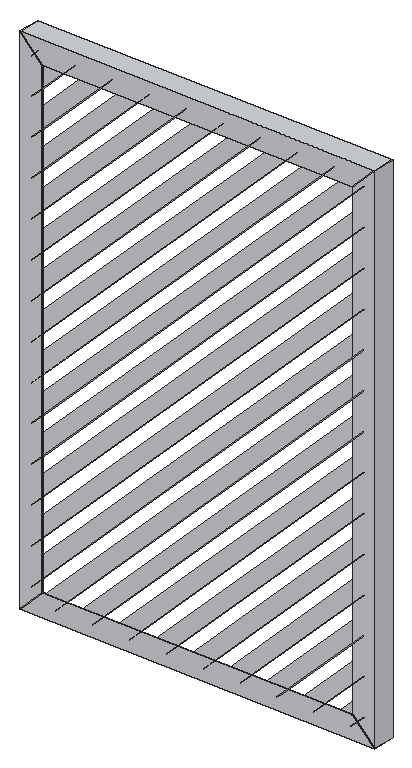
Revit family "Palmshield-Ajax-Louver-Panel", category Specialty Equipment, Revit 2025
Family settings
  Round Connector Dimension = Use Diameter
  Part Type = Normal
  OmniClass Number = 23.55.00.00
  OmniClass Title = Manufactured Structures
  Work Plane-Based = No
  Enable Cutting in Views = No
  Always vertical = No
  Cut with Voids When Loaded = No
  Maintain Annotation Orientation = No
  Shared = No
  Room Calculation Point = No
Parameters (values of type "Assembly")
  Width [instance] = if(Desired Overall Width < C Min Width, C Min Width, if(Desired Overall Width > C Max Width, C Max Width, Desired Overall Width))  # 4' - 0"
  Warranty URL = "https://palmshieldlouvers.com/wp-content/uploads/2020/01/PalmSHIELD-Warranty-NO-SIGN-LINE.pdf"
  Version = "2020 - v1.0a"  # constant formula
  URL = "https://palmshieldlouvers.com/"
  Product Page URL = "https://palmshieldlouvers.com/products/ajax-louver/"
  Product Documentation Link = "https://palmshieldlouvers.com/wp-content/uploads/2020/04/PalmSHIELD-Diagonal-Louvers-Technical-Data-Sheet.pdf"
  Offset From Surface = 0' - 2"  # constant formula
  Model = "Ajax - Aluminum"  # constant formula
  Material = none
  Manufacturer Phone Number = "531-329-4406 "  # constant formula
  Manufacturer Email = "mailto: info@palmshieldlouvers.com"
  Manufacturer Address = "12330 Cary Circle, La Vista, NE 68128"  # constant formula
  Manufacturer = "PalmSHIELD"  # constant formula
  Louver Finish = none
  Keynote = "05 10 00"
  Instruction Sheet Link = "https://palmshieldlouvers.com/wp-content/uploads/2020/01/PalmSHIELD-Post-Panel-Gate-Installation-Instructions-REV-1.pdf"
  ID [instance] = "Not Assigned"
  Height [instance] = if(Desired Overall Height < C Min Height, C Min Height, if(Desired Overall Height > C Max Height, C Max Height, Desired Overall Height))  # 6' - 0"
  Desired Overall Width [instance] = 4' - 0"
  Desired Overall Height [instance] = 6' - 0"
  Desired Bottom Angle [instance] = 0.00°
  Description = "Ajax - Aluminum - Panel Assembly"  # constant formula
  Default Elevation = 0' - 0"
  Copyright = "Copyright ©2024 The American Fence Company and PalmSHIELD. All Rights Reserved."  # constant formula
  Component Vis [instance] = yes
  Component Name [instance] = "Ajax - Aluminum - Panel Assembly"  # constant formula
  C Min Width [instance] = 4' - 0"  # constant formula
  C Min Height [instance] = 4' - 0"  # constant formula
  C Max Width [instance] = 5' - 0"  # constant formula
  C Max Height [instance] = 12' - 0"  # constant formula
  C Angle [instance] = if(Desired Bottom Angle > 10.00°, 10.00°, if(Desired Bottom Angle < -10.00°, -10.00°, Desired Bottom Angle))  # 0.00°
  Assembly Code = "F1020100"
Reference planes (in)
  plane 1 "Center (Front/Back)": y = 0
  plane 2: z = 0
  plane 3 "Center (Left/Right)": x = 0
  plane 4: z = 72
  plane 5: x = 48
  plane 6: y = 3
  plane 7: y = 1.5
Lines and regions (in)
  reference lines
    curve 1: line (48, 0, 85.95698) -> (48, 0, -11)
    curve 2: line (-20.8931, 0, 72) -> (71.1069, 0, 72)
Dimensions and locks (in)
  "Desired Overall Height": curve 2 to level
  "Desired Overall Width": curve 1 to plane 3 "Center (Left/Right)"
  "Height": plane 4 to level
  "Width": plane 5 to plane 3 "Center (Left/Right)"
  equal spacing: plane 1 "Center (Front/Back)", plane 7, plane 6
  aligned and locked: plane 2 to level
  aligned and locked: plane 3 "Center (Left/Right)" to nested 1
  aligned and locked: plane 1 "Center (Front/Back)" to nested 1
Automatic sketch dimensions
  curve 2 to plane 3 "Center (Left/Right)" = 1' - 8.8931"
  plane 5 to curve 2 = 1' - 11.1069"
  curve 1 to level = 0' - 11"
  plane 4 to curve 1 = 1' - 1.95698"
Nested families (in)
  nested 1: "Screening-Louver-Assembly-Panel-Palmshield-Ajax" at (0, 0, 0), Desired Bottom Angle <- "Desired Bottom Angle", Desired Overall Height <- "Desired Overall Height", Desired Overall Width <- "Desired Overall Width", ID <- "ID", Height <- "Height", Width <- "Width", Component Vis <- "Component Vis", type "Assembly"
    with Width 4' - 0", ID "Not Assigned", Height 6' - 0", Desired Overall Width 4' - 0", Desired Overall Height 6' - 0", Desired Bottom Angle 0.00°, Component Vis yes, Component Name "Ajax - Panel Assembly", C Top Post Length 4' - 0", C Straight Corner Angle 45.00°, C Slope Angle 0.00°, C Side Frame Width 0' - 3", C Side Adjustment 0' - 0", C Rib Thickness Bottom Offset 0' - 0 1/4", C Rib Bottom Side Offset 0' - 0", C Louver Offset 0' - 3", C Louver Length 3' - 8", C Louver Count 57, C Hip 4' - 0", C Frame Offset 0' - 2", C Corner Offset 0' - 3", C Bottom Angle 0.00°, C B-Side Post Length 6' - 0", C B-Side Angle 45.00°, C Angle 90.00°, C A-Side Post Length 6' - 0", C A-Side Angle 45.00°
  nested 2: "Nested-L_Frame-Palmshield-Ajax" at (48, 0, 72) x (0, 1, 0) z (0, 0, -1), type "AL L3" X 3" X 1/4""
    with Material none, Length 4' - 0", ID "Not Assigned", Component Name "Ajax - Aluminum - L Frame", B-Side Cut Angle 45.00°, A-Side Cut Angle 45.00°
  nested 3: "Nested-L_Frame-Palmshield-Ajax" at (0, 0, 72) x (0, 1, 0) z (1, 0, 0), type "AL L3" X 3" X 1/4""
    with Material none, Length 5' - 10", ID "Not Assigned", Component Name "Ajax - Aluminum - L Frame", B-Side Cut Angle 45.00°, A-Side Cut Angle 45.00°
  nested 4: "Nested-L_Frame-Palmshield-Ajax" at (48, 0, 2) x (0, 1, 0) z (-1, 0, 0), type "AL L3" X 3" X 1/4""
    with Material none, Length 5' - 10", ID "Not Assigned", Component Name "Ajax - Aluminum - L Frame", B-Side Cut Angle 45.00°, A-Side Cut Angle 45.00°
  nested 5: "Nested-L_Frame-Palmshield-Ajax" at (0, 0, 2) x (0, 1, 0) z (0, 0, 1), type "AL L3" X 3" X 1/4""
    with Material none, Length 4' - 0", ID "Not Assigned", Component Name "Ajax - Aluminum - L Frame", B-Side Cut Angle 45.00°, A-Side Cut Angle 45.00°
Definition of nested family "Screening-Louver-Assembly-Panel-Palmshield-Ajax"
  Parameters (values of type "Assembly")
    Width [instance] = if(Desired Overall Width < 4' 0", 4' 0", if(Desired Overall Width > 5' 0", 5' 0", Desired Overall Width))  # 4' - 0"
    Warranty URL = "https://palmshieldlouvers.com/wp-content/uploads/2020/01/PalmSHIELD-Warranty-NO-SIGN-LINE.pdf"
    Version = "2020 - v1.0a"  # constant formula
    URL = "https://palmshieldlouvers.com/"
    Offset From Surface = 0' - 2"  # constant formula
    Material = none
    Louver Separation = 0' - 1 3/16"  # constant formula
    Product Page URL = "https://palmshieldlouvers.com/products/ajax-louver/"
    Product Documentation Link = "https://palmshieldlouvers.com/wp-content/uploads/2020/04/PalmSHIELD-Diagonal-Louvers-Technical-Data-Sheet.pdf"
    Model = "Ajax - Post Assembly"  # constant formula
    Manufacturer Phone Number = "531-329-4406 "  # constant formula
    Manufacturer Fax Number = "Consult Manufacturer Website for More Information"  # constant formula
    Manufacturer Email = "mailto: info@palmshieldlouvers.com"
    Manufacturer Address = "12330 Cary Circle, La Vista, NE 68128"  # constant formula
    Manufacturer = "PalmSHIELD"  # constant formula
    Component Vis [instance] = yes
    C Louver Length [instance] = Width - 2 * C Side Frame Width + 0' 2"  # 3' - 8"
    Keynote = "05 10 00"
    Instruction Sheet Link = "https://palmshieldlouvers.com/wp-content/uploads/2020/01/PalmSHIELD-Post-Panel-Gate-Installation-Instructions-REV-1.pdf"
    ID [instance] = "Not Assgined"
    Height [instance] = if(Desired Overall Height < 3' 0", 3' 0", if(Desired Overall Height > 12' 0", 12' 0", Desired Overall Height))  # 5' - 2"
    Frame Width = 0' - 3"  # constant formula
    Frame Thickness = 0' - 0 1/4"  # constant formula
    Desired Overall Width [instance] = 4' - 0"
    Desired Overall Height [instance] = 5' - 2"
    Description = "Ajax - Panel Assembly"  # constant formula
    Default Elevation = 4' - 0"
    Copyright = "Copyright ©2024 The American Fence Company and PalmSHIELD. All Rights Reserved."  # constant formula
    Component Name [instance] = "Ajax - Panel Assembly"  # constant formula
    C Top Post Length [instance] = Width  # 4' - 0"
    C Straight Corner Angle [instance] = 45.00°  # constant formula
    C Slope Angle [instance] = if(Desired Bottom Angle < -25.00°, 25.00°, if(Desired Bottom Angle > 25.00°, 25.00°, Desired Bottom Angle))  # 0.00°
    C Side Frame Width [instance] = 0' - 3"  # constant formula
    C Rib Thickness Bottom Offset [instance] = Frame Thickness * cos(C Slope Angle)  # 0' - 0 1/4"
    C Rib Bottom Side Offset [instance] = if(C Slope Angle < 0.00°, -Frame Thickness * sin(C Slope Angle), Frame Thickness * sin(C Slope Angle))  # 0' - 0"
    C Louver Overlap = 0' - 0 5/8"  # constant formula
    C Louver Offset [instance] = if(C Side Adjustment < 0' 0", -C Side Adjustment + (Frame Width / sin([C A-Side Angle])) * cos([C A-Side Angle]), Frame Width)  # 0' - 3"
    C Louver Count [instance] = if(C Slope Angle < 0.00°, (Height - 2 * Frame Width + C Louver Overlap * 2) / Louver Separation, (Height - 2 * Frame Width + C Louver Overlap * 2 - C Hip * sin(C Slope Angle)) / Louver Separation)  # 48
    C Hip [instance] = Width / cos(C Slope Angle)  # 4' - 0"
    C Side Adjustment [instance] = -C Hip * sin(C Slope Angle)  # 0' - 0"
    C Frame Offset [instance] = C Side Frame Width - 0' 1"  # 0' - 2"
    C Corner Offset [instance] = if(C Slope Angle > 0.00°, Frame Width / sin([C A-Side Angle]) * cos([C A-Side Angle]), if(C Slope Angle < 0.00°, Frame Width / sin([C A-Side Angle]) * cos([C A-Side Angle]), 0' 3"))  # 0' - 3"
    C Bottom Angle [instance] = if(Desired Bottom Angle < -20.00°, -20.00°, if(Desired Bottom Angle > 20.00°, 20.00°, Desired Bottom Angle))  # 0.00°
    C B-Side Post Length [instance] = Height + C Side Adjustment  # 5' - 2"
    C B-Side Angle [instance] = (90.00° - C Slope Angle) / 2  # 45.00°
    C Angle [instance] = if(C Slope Angle < -25.00°, 90.00° - 25.00°, if(C Slope Angle > 25.00°, 90.00° + 25.00°, 90.00° - C Slope Angle))  # 90.00°
    Desired Bottom Angle [instance] = 0.00°
    C A-Side Post Length [instance] = Height  # 5' - 2"
    C A-Side Angle [instance] = (90.00° + C Slope Angle) / 2  # 45.00°
    Assembly Code = "F1020100"
  Reference planes (in)
    plane 1 "Center (Front/Back)": y = 0
    plane 2: z = 0
    plane 3 "Side A": x = 0
    plane 4 "Top": z = 62
    plane 5 "Side B": x = 48
    plane 6: z = 2
    plane 7: z = 5
    plane 8: x = 0.25
    plane 9: x = 47.75
    plane 10: z = 59
    plane 11: y = 0.25
    plane 12: y = 2.25
    plane 13: z = 61.75
    plane 14: z = 2
    plane 15: z = 2.25
    plane 16: x = 0
    plane 17: y = 3
    plane 18: y = 1.5
    plane 19: x = 24
  Forms (in)
    Extrusion 1, solid
      sketch origin (0, 0, 0) x (1, 0, 0) y (0, 1, 0)
        loop
          line (-48, 48) -> (-48, -48) -> (48, -48) -> (48, 48) -> (-48, 48)
      from 0 to -12
  Lines and regions (in)
    reference lines
      curve 1: line (0, 0, 2) -> (82, 0, 2)
      curve 2: line (-10.95367, 0, 0.31474) -> (39, 0, 0.31474)
      curve 3: line (-32.20495, 0, 62) -> (70.18293, 0, 62)
      curve 4: line (48, 0, 84.69519) -> (48, 0, -11.24289)
      curve 5: line (48, 0, 2) -> (46, 0, 2)
  Dimensions and locks (in)
    "Width": plane 5 "Side B" to plane 3 "Side A"
    "Offset From Surface": plane 6 to Extrusion 1
    "C Louver Offset": plane 7 to plane 6
    "Frame Thickness": plane 8 to plane 3 "Side A"
    "Frame Thickness": plane 5 "Side B" to plane 9
    "Frame Width": plane 4 "Top" to plane 10
    "Frame Thickness": plane 11 to plane 1 "Center (Front/Back)"
    plane 3 "Side A" to plane 5 "Side B" = 4' - 0"
    "Frame Thickness": plane 4 "Top" to plane 13
    "C Corner Offset": plane 7 to plane 14
    "C Rib Thickness Bottom Offset": plane 15 to plane 6
    "C Rib Bottom Side Offset": plane 3 "Side A" to plane 16
    "Desired Overall Width": curve 4 to plane 3 "Side A"
    "Frame Width": plane 1 "Center (Front/Back)" to plane 17
    equal spacing: plane 1 "Center (Front/Back)", plane 18, plane 17
    equal spacing: plane 5 "Side B", plane 19, plane 3 "Side A"
    "Desired Overall Height": curve 3 to plane 2
    "Height": plane 4 "Top" to plane 2
    plane 5 "Side B" to curve 5 = 0' - 2"
    "C Angle": angle curve 1 to plane 3 "Side A"
    locked: plane 5 "Side B" to curve 5 (angle 90.00°)
    aligned and locked: plane 2 to Extrusion 1
    aligned and locked: level to Extrusion 1
    aligned and locked: plane 6 to curve 1
    aligned and locked: plane 3 "Side A" to curve 1
    aligned and locked: nested 1 to plane 1 "Center (Front/Back)"
    aligned and locked: nested 1 to plane 5 "Side B"
    aligned and locked: nested 1 to plane 3 "Side A"
    aligned and locked: nested 2 to plane 4 "Top"
    aligned and locked: nested 2 to plane 6
    aligned and locked: nested 2 to plane 1 "Center (Front/Back)"
    aligned and locked: plane 4 "Top" to nested 3
    aligned and locked: nested 3 to plane 1 "Center (Front/Back)"
    aligned and locked: nested 4 to plane 1 "Center (Front/Back)"
    aligned and locked: plane 11 to nested 5
    aligned and locked: nested 5 to plane 3 "Side A"
    aligned and locked: nested 5 to plane 4 "Top"
    aligned and locked: plane 5 "Side B" to curve 5
    aligned and locked: nested 3 to curve 5
  Automatic sketch dimensions
    Extrusion 1 sketch curve to Extrusion 1 sketch curve = 8' - 0"  (x2)
    level to curve 2 = 0' - 0.31474"
    curve 2 to plane 3 "Side A" = 0' - 10.95367"
    curve 3 to plane 3 "Side A" = 2' - 8.20495"
    curve 2 to curve 5 = 0' - 7"
    plane 5 "Side B" to curve 3 = 1' - 10.18293"
    curve 4 to level = 0' - 11.24289"
    plane 4 "Top" to curve 4 = 1' - 10.69519"
  Nested families (in)
    nested 1: "Nested-L_Frame-Palmshield-Ajax" at (48, 0, 62) x (0, 1, 0) z (0, 0, -1), ID <- "ID", Material <- "Material", A-Side Cut Angle <- "C Straight Corner Angle", B-Side Cut Angle <- "C Straight Corner Angle", visible <- "Component Vis", type "AL L3" X 3" X 1/4""
      with Material none, Length 4' - 0", ID "Not Assgined", Component Name "Ajax - Aluminum - L Frame", B-Side Cut Angle 45.00°, A-Side Cut Angle 45.00°
    nested 2: "Nested-L_Frame-Palmshield-Ajax" at (0, 0, 62) x (0, 1, 0) z (1, 0, 0), ID <- "ID", Material <- "Material", B-Side Cut Angle <- "C Straight Corner Angle", A-Side Cut Angle <- "C A-Side Angle", visible <- "Component Vis", type "AL L3" X 3" X 1/4""
      with Material none, Length 5' - 0", ID "Not Assgined", Component Name "Ajax - Aluminum - L Frame", B-Side Cut Angle 45.00°, A-Side Cut Angle 45.00°
    nested 3: "Nested-L_Frame-Palmshield-Ajax" at (48, 0, 2) x (0, 1, 0) z (-1, 0, 0), ID <- "ID", Material <- "Material", B-Side Cut Angle <- "C B-Side Angle", A-Side Cut Angle <- "C Straight Corner Angle", visible <- "Component Vis", type "AL L3" X 3" X 1/4""
      with Material none, Length 5' - 0", ID "Not Assgined", Component Name "Ajax - Aluminum - L Frame", B-Side Cut Angle 45.00°, A-Side Cut Angle 45.00°
    nested 4: "Nested-L_Frame-Palmshield-Ajax" at (0, 0, 2) x (0, 1, 0) z (0, 0, 1), Length <- "C Hip", ID <- "ID", Material <- "Material", A-Side Cut Angle <- "C B-Side Angle", B-Side Cut Angle <- "C A-Side Angle", visible <- "Component Vis", type "AL L3" X 3" X 1/4""
      with Material none, Length 4' - 0", ID "Not Assgined", Component Name "Ajax - Aluminum - L Frame", B-Side Cut Angle 45.00°, A-Side Cut Angle 45.00°
    nested 5: "Nested - Diagonal Panel" at (0, 0.25, 2), Desired Panel Height <- "Height", Desired Panel Width <- "Width", Material <- "Material", visible <- "Component Vis", type "Default"
      with Real Cut Width 4' - 0", Real Cut Height 5' - 0", Material none, Desired Panel Width 4' - 0", Desired Panel Height 5' - 2"
  Definition of nested family "Nested-L_Frame-Palmshield-Ajax"
    Parameters (values of type "AL L3" X 3" X 1/4"")
      Width = 0' - 3"  # constant formula
      Warranty URL = "https://palmshieldlouvers.com/wp-content/uploads/2020/01/PalmSHIELD-Warranty-NO-SIGN-LINE.pdf"
      Version = "2020 - v1.0a"  # constant formula
      URL = "https://palmshieldlouvers.com/"
      Thickness = 0' - 0 1/4"  # constant formula
      Product Page URL = "https://palmshieldlouvers.com/products/ajax-louver/"
      Product Documentation Link = "https://palmshieldlouvers.com/wp-content/uploads/2020/04/PalmSHIELD-Diagonal-Louvers-Technical-Data-Sheet.pdf"
      Model = "Ajax"  # constant formula
      Material [instance] = none
      Manufacturer Phone Number = "531-329-4406 "  # constant formula
      Manufacturer Fax Number = "Consult Manufacturer Website for More Information"  # constant formula
      Manufacturer Email = "mailto: info@palmshieldlouvers.com"
      Manufacturer Address = "12330 Cary Circle, La Vista, NE 68128"  # constant formula
      Manufacturer = "PalmSHIELD"  # constant formula
      Length [instance] = 4' - 4.86713"
      Keynote = "05 10 00"
      Instruction Sheet Link = "https://palmshieldlouvers.com/wp-content/uploads/2020/01/PalmSHIELD-Post-Panel-Gate-Installation-Instructions-REV-1.pdf"
      ID [instance] = ""
      Description = "Ajax - L Frame"  # constant formula
      Default Elevation = 4' - 0"
      Copyright = "Copyright ©2024 The American Fence Company and PalmSHIELD. All Rights Reserved."  # constant formula
      Component Name [instance] = "Ajax - Aluminum - L Frame"  # constant formula
      C Hole Offset = 0' - 1 1/2"  # constant formula
      B-Side Cut Angle [instance] = 45.00°
      Assembly Code = "F1020100"
      A-Side Cut Angle [instance] = 45.00°
    Reference planes (in)
      plane 1 "Center (Front/Back)": y = 0
      plane 2: z = 0
      plane 3 "Center (Left/Right)": x = 0
      plane 4: x = 3
      plane 5: y = -52.86713
      plane 6: z = 3
    Forms (in)
      Extrusion 1, solid
        sketch origin (0, 0, 0) x (1, 0, 0) y (0, 1, 0)
          loop
            line (-48, 48) -> (-48, -48) -> (48, -48) -> (48, 48) -> (-48, 48)
        from 0 to -12
      Sweep 2, solid, material <- "Material"
        path origin (0, 0, 0) x (0, 1, 0) y (0, 0, 1)
          loop
            line (0, 0) -> (-52.86713, 0)
        profile "Profile-Palmshield-L : AL L3" X 3" X 1/4" - 6061-T6" origin (0, -26.43357, 0) x (0, 0, -1) y (1, 0, 0)
          loop
            line (-0.3125, 0.25) -> (-2.875, 0.25)
            arc (-2.875, 0.25) -> (-2.96339, 0.21339) -> (-3, 0.125) r 0.125
            line (-3, 0.125) -> (-3, 0) -> (0, 0) -> (0, 3) -> (-0.125, 3)
            arc (-0.125, 3) -> (-0.21339, 2.96339) -> (-0.25, 2.875) r 0.125
            line (-0.25, 2.875) -> (-0.25, 0.3125)
            arc (-0.25, 0.3125) -> (-0.26831, 0.26831) -> (-0.3125, 0.25) r 0.0625
      Extrusion 3, void
        sketch origin (0, 0, 0) x (0, 1, 0) y (0, 0, 1)
          loop
            line (-3, 3) -> (0, 0) -> (4.7449, 0) -> (4.7449, 3) -> (-3, 3)
          loop
            line (-57.61203, 3) -> (-57.61203, 0) -> (-52.86713, 0) -> (-49.86713, 3) -> (-57.61203, 3)
        from 0 to 3
    Cuts and joins
      Extrusion 3 cuts Sweep 2
    Dimensions and locks (in)
      "Width": plane 3 "Center (Left/Right)" to plane 4
      "Length": plane 1 "Center (Front/Back)" to plane 5
      "Width": plane 6 to plane 2
      locked: Extrusion 3 sketch curve to plane 1 "Center (Front/Back)" at 4.7449
      locked: plane 5 to Extrusion 3 sketch curve at 4.7449
      "B-Side Cut Angle": angle Extrusion 3 sketch curve to plane 1 "Center (Front/Back)"
      "A-Side Cut Angle": angle plane 5 to Extrusion 3 sketch curve
      aligned and locked: plane 2 to Extrusion 1
      aligned and locked: level to Extrusion 1
      aligned and locked: plane 1 "Center (Front/Back)" to Sweep 2 sketch curve
      aligned and locked: plane 5 to Sweep 2 sketch curve
      aligned and locked: Extrusion 3 sketch curve to plane 6
      aligned and locked: level to Extrusion 3 sketch curve
      aligned and locked: plane 6 to Extrusion 3 sketch curve
      aligned and locked: Extrusion 3 sketch curve to plane 2
      aligned and locked: plane 1 "Center (Front/Back)" to Extrusion 3 sketch curve
      aligned and locked: plane 2 to Extrusion 3 sketch curve
      aligned and locked: plane 5 to Extrusion 3 sketch curve
      aligned and locked: Extrusion 3 to plane 3 "Center (Left/Right)"
      aligned and locked: Extrusion 3 to plane 4
    Automatic sketch dimensions
      Extrusion 1 sketch curve to Extrusion 1 sketch curve = 8' - 0"  (x2)
      Sweep 2 sketch curve to level = 0' - 0"
  Definition of nested family "Nested - Diagonal Panel"
    Parameters (values of type "Default")
      Side Offset = 0' - 1 3/8"  # constant formula
      Real Cut Width [instance] = if(Desired Panel Width < 4' 0", 4' 0", if(Desired Panel Width > 5' 0", 5' 0", Desired Panel Width))  # 4' - 2"
      Real Cut Height [instance] = if(Desired Panel Height < 3' 0", 3' 0" - 0' 2", if(Desired Panel Height > 12' 0", 12' 0" - 0' 2", Desired Panel Height - 0' 2"))  # 4' - 3"
      Material [instance] = none
      Left Angle = if(Cut Angle = 0.00°, 0.00°, if(Cut Angle > 0.00°, Cut Angle, 0.00°))  # 0.00°
      Desired Panel Width [instance] = 4' - 2"
      Desired Panel Height [instance] = 4' - 5"
      Default Elevation = 0' - 0"
      Cut Angle = 0.00°
      C B Angle Depth = if(and(Angle Right > -0.10°, or(Left Angle = 0.00°, Left Angle > 0.00°)), 0' 4", 0' 1")  # 0' - 4"
      C A Angle Depth = if(Angle Right < 0.00°, 0' 4", 0' 1")  # 0' - 1"
      Angle Right = if(Cut Angle = 0.00°, 0.00°, if(Cut Angle < 0.00°, Cut Angle, 0.00°))  # 0.00°
    Reference planes (in)
      plane 1 "Center (Front/Back)": y = 0
      plane 2: z = 0
      plane 3 "Center (Left/Right)": x = 0
      plane 4: z = 144
      plane 5: x = 60
      plane 6: z = 142.625
      plane 7: x = 58.625
      plane 8: z = 1.375
      plane 9: x = 1.375
      plane 10: y = 1
      plane 11: z = 51
      plane 12: y = -3
    Forms (in)
      Extrusion 1, void
        sketch origin (0, 0, 0) x (1, 0, 0) y (0, 0, 1)
          loop
            line (48.625, 49.625) -> (48.625, -30.23434) -> (61.375, -30.23434) -> (61.375, 145.375) -> (-1.375, 145.375) -> (-1.375, 1.375) -> (1.375, 1.375) -> (1.375, 49.625) -> (48.625, 49.625)
        from 0 to -1
      Extrusion 2, void
        sketch origin (0, 0, 0) x (1, 0, 0) y (0, 0, 1)
          loop
            line (0, -30.23434) -> (60, -30.23434) -> (60, 1.375) -> (0, 1.375) -> (0, -30.23434)
        from 2 to 3
      Sweep 3, solid, material <- "Material"
        path origin (0, 0, 0) x (0, 1, 0) y (0, 0, 1)
          loop
            line (1, 0) -> (0, 0)
        profile origin (0, 0.5, 0) x (0, 0, -1) y (1, 0, 0)
          loop
            line (20.253, 12.67594) -> (-25.07945, 58.625) -> (-27.9074, 58.625) -> (20.253, 9.84751) -> (20.253, 12.67594)
          loop
            line (20.253, 7.72619) -> (-30.0284, 58.625) -> (-32.85643, 58.625) -> (20.253, 4.89776) -> (20.253, 7.72619)
          loop
            line (20.253, 2.77644) -> (-34.97748, 58.625) -> (-37.80574, 58.625) -> (18.82601, 1.375) -> (20.253, 1.375) -> (20.253, 2.77644)
          loop
            line (16.70469, 1.375) -> (-39.92706, 58.625) -> (-42.75549, 58.625) -> (13.87626, 1.375) -> (16.70469, 1.375)
          loop
            line (6.80519, 1.375) -> (-49.82655, 58.625) -> (-52.65498, 58.625) -> (3.97677, 1.375) -> (6.80519, 1.375)
          loop
            line (11.75494, 1.375) -> (-44.87681, 58.625) -> (-47.70523, 58.625) -> (8.92652, 1.375) -> (11.75494, 1.375)
          loop
            line (1.85545, 1.375) -> (-54.7763, 58.625) -> (-57.60473, 58.625) -> (-0.97298, 1.375) -> (1.85545, 1.375)
          loop
            line (20.253, 17.62568) -> (-20.1307, 58.625) -> (-22.95853, 58.625) -> (20.253, 14.79726) -> (20.253, 17.62568)
          loop
            line (20.253, 22.57543) -> (-15.18222, 58.625) -> (-18.00989, 58.625) -> (20.253, 19.747) -> (20.253, 22.57543)
          loop
            line (20.253, 27.52518) -> (-10.23414, 58.625) -> (-13.06156, 58.625) -> (20.253, 24.69675) -> (20.253, 27.52518)
          loop
            line (20.253, 32.47493) -> (-5.28667, 58.625) -> (-8.1137, 58.625) -> (20.253, 29.6465) -> (20.253, 32.47493)
          loop
            line (-3.0943, 1.375) -> (-59.72605, 58.625) -> (-62.55448, 58.625) -> (-5.92273, 1.375) -> (-3.0943, 1.375)
          loop
            line (-8.04405, 1.375) -> (-64.6758, 58.625) -> (-67.50422, 58.625) -> (-10.87247, 1.375) -> (-8.04405, 1.375)
          loop
            line (-12.9938, 1.375) -> (-69.62554, 58.625) -> (-72.45397, 58.625) -> (-15.82222, 1.375) -> (-12.9938, 1.375)
          loop
            line (-17.94354, 1.375) -> (-74.57529, 58.625) -> (-77.40372, 58.625) -> (-20.77197, 1.375) -> (-17.94354, 1.375)
          loop
            line (-27.84304, 1.375) -> (-84.47479, 58.625) -> (-87.30321, 58.625) -> (-30.67146, 1.375) -> (-27.84304, 1.375)
          loop
            line (-22.89329, 1.375) -> (-79.52504, 58.625) -> (-82.35347, 58.625) -> (-25.72172, 1.375) -> (-22.89329, 1.375)
          loop
            line (-32.79278, 1.375) -> (-89.42453, 58.625) -> (-92.25296, 58.625) -> (-35.62121, 1.375) -> (-32.79278, 1.375)
          loop
            line (-37.74253, 1.375) -> (-94.37428, 58.625) -> (-97.20271, 58.625) -> (-40.57096, 1.375) -> (-37.74253, 1.375)
          loop
            line (-42.69228, 1.375) -> (-99.32403, 58.625) -> (-102.15246, 58.625) -> (-45.52071, 1.375) -> (-42.69228, 1.375)
          loop
            line (-47.64203, 1.375) -> (-104.27378, 58.625) -> (-107.1022, 58.625) -> (-50.47045, 1.375) -> (-47.64203, 1.375)
          loop
            line (-52.59177, 1.375) -> (-109.22352, 58.625) -> (-112.05195, 58.625) -> (-55.4202, 1.375) -> (-52.59177, 1.375)
          loop
            line (-57.54152, 1.375) -> (-114.17327, 58.625) -> (-117.0017, 58.625) -> (-60.36995, 1.375) -> (-57.54152, 1.375)
          loop
            line (-62.49127, 1.375) -> (-119.12302, 58.625) -> (-121.95145, 58.625) -> (-65.3197, 1.375) -> (-62.49127, 1.375)
          loop
            line (-67.44102, 1.375) -> (-124.07277, 58.625) -> (-126.90119, 58.625) -> (-70.26944, 1.375) -> (-67.44102, 1.375)
          loop
            line (-72.39076, 1.375) -> (-129.02251, 58.625) -> (-131.85094, 58.625) -> (-75.21919, 1.375) -> (-72.39076, 1.375)
          loop
            line (-77.34051, 1.375) -> (-133.97226, 58.625) -> (-136.80069, 58.625) -> (-80.16894, 1.375) -> (-77.34051, 1.375)
          loop
            line (-82.29026, 1.375) -> (-138.92201, 58.625) -> (-141.75044, 58.625) -> (-85.11869, 1.375) -> (-82.29026, 1.375)
          loop
            line (-87.24001, 1.375) -> (-142.625, 57.38499) -> (-142.625, 54.55657) -> (-90.06843, 1.375) -> (-87.24001, 1.375)
          loop
            line (-92.18975, 1.375) -> (-142.625, 52.43525) -> (-142.625, 49.60682) -> (-95.01818, 1.375) -> (-92.18975, 1.375)
          loop
            line (-97.1395, 1.375) -> (-142.625, 47.4855) -> (-142.625, 44.03207) -> (-99.96793, 1.375) -> (-97.1395, 1.375)
          loop
            line (-102.08925, 1.375) -> (-142.625, 41.91075) -> (-142.625, 39.08232) -> (-104.91768, 1.375) -> (-102.08925, 1.375)
          loop
            line (-107.039, 1.375) -> (-142.625, 36.961) -> (-142.625, 34.13258) -> (-109.86742, 1.375) -> (-107.039, 1.375)
          loop
            line (-111.98874, 1.375) -> (-142.625, 32.01126) -> (-142.625, 29.18283) -> (-114.81717, 1.375) -> (-111.98874, 1.375)
          loop
            line (-116.93849, 1.375) -> (-142.625, 27.06151) -> (-142.625, 24.23308) -> (-119.76692, 1.375) -> (-116.93849, 1.375)
          loop
            line (-121.88824, 1.375) -> (-142.625, 22.11176) -> (-142.625, 19.28333) -> (-124.71667, 1.375) -> (-121.88824, 1.375)
          loop
            line (-126.83799, 1.375) -> (-142.625, 17.16201) -> (-142.625, 14.33359) -> (-129.66641, 1.375) -> (-126.83799, 1.375)
          loop
            line (-131.78773, 1.375) -> (-142.625, 12.21227) -> (-142.625, 9.38384) -> (-134.61616, 1.375) -> (-131.78773, 1.375)
          loop
            line (-136.73748, 1.375) -> (-142.625, 7.26252) -> (-142.625, 4.43409) -> (-139.56591, 1.375) -> (-136.73748, 1.375)
          loop
            line (-141.68723, 1.375) -> (-142.625, 2.31277) -> (-142.625, 1.375) -> (-141.68723, 1.375)
          loop
            line (20.253, 37.42467) -> (-0.34023, 58.625) -> (-3.1666, 58.625) -> (20.253, 34.59625) -> (20.253, 37.42467)
          loop
            line (20.253, 42.37442) -> (4.60427, 58.625) -> (1.77917, 58.625) -> (20.253, 39.54599) -> (20.253, 42.37442)
          loop
            line (20.253, 47.94917) -> (9.57716, 58.625) -> (6.72226, 58.625) -> (20.253, 44.49574) -> (20.253, 47.94917)
          loop
            line (20.253, 52.89892) -> (14.52691, 58.625) -> (11.69848, 58.625) -> (20.253, 50.07049) -> (20.253, 52.89892)
          loop
            line (20.253, 57.84866) -> (19.47666, 58.625) -> (16.64823, 58.625) -> (20.253, 55.02024) -> (20.253, 57.84866)
      Extrusion 4, void
        sketch origin (0, 0, 0) x (1, 0, 0) y (0, 0, 1)
          loop
            line (0, 1.375) -> (0, -30.23434) -> (60, -30.23434) -> (60, 1.375) -> (0, 1.375)
        from 3 to -1
    Cuts and joins
      Extrusion 1, Extrusion 2, Extrusion 4 cuts Sweep 3
    Lines and regions (in)
      reference lines
        curve 1: line (-23.48227, 0, 53) -> (110.51773, 0, 53)
        curve 2: line (50, 0, 168.23658) -> (50, 0, -38.76342)
        curve 3: line (48.625, 0, 129.625) -> (48.625, 0, -11.375)
        curve 4: line (15.375, 0, 0) -> (50, 0, 0)
        curve 5: line (50, 0, 150.23658) -> (50, 0, -20.76342)
    Dimensions and locks (in)
      "Side Offset": plane 9 to plane 3 "Center (Left/Right)"
      "Side Offset": plane 4 to plane 6
      "Side Offset": plane 5 to plane 7
      "Side Offset": plane 8 to plane 2
      plane 1 "Center (Front/Back)" to plane 10 = 0' - 1"
      locked: plane 5 to plane 3 "Center (Left/Right)" at 60
      locked: plane 4 to plane 2 at 144
      "Desired Panel Width": curve 2 to plane 3 "Center (Left/Right)"
      "Desired Panel Height": curve 1 to plane 2
      "Real Cut Height": plane 11 to level
      "Side Offset": plane 11 to Extrusion 1 sketch curve
      "Side Offset": Extrusion 1 sketch curve to plane 3 "Center (Left/Right)"
      "Side Offset": plane 3 "Center (Left/Right)" to Extrusion 1 sketch curve
      "Side Offset": Extrusion 1 sketch curve to plane 4
      "Side Offset": Extrusion 1 sketch curve to plane 5
      locked: curve 3 to curve 2 at 1.375
      "Real Cut Width": curve 5 to plane 3 "Center (Left/Right)"
      "Side Offset": Extrusion 1 sketch curve to curve 5
      Extrusion 2 to plane 3 "Center (Left/Right)" = 5' - 0"
      locked: plane 12 to plane 1 "Center (Front/Back)" at 3
      Extrusion 4 to plane 3 "Center (Left/Right)" = 5' - 0"
      "C A Angle Depth": Extrusion 2 to plane 12
      "C B Angle Depth": Extrusion 4 to plane 12
      "Left Angle": angle plane 8 to Extrusion 4 sketch curve
      "Angle Right": angle plane 8 to Extrusion 2 sketch curve
      aligned and locked: level to plane 2
      aligned and locked: plane 8 to Extrusion 1 sketch curve
      aligned and locked: curve 4 to plane 2
      aligned and locked: Extrusion 2 sketch curve to plane 5
      aligned and locked: Extrusion 4 sketch curve to plane 3 "Center (Left/Right)"
      aligned and locked: Extrusion 4 sketch curve to plane 5
      aligned and locked: Extrusion 4 to plane 12
      aligned and locked: plane 3 "Center (Left/Right)" to Extrusion 2 sketch curve
      aligned and locked: plane 8 to Extrusion 2 sketch curve
    Automatic sketch dimensions
      Sweep 3 sketch curve to level = 0' - 0"
      Sweep 3 sketch curve to plane 1 "Center (Front/Back)" = 0' - 0"
      Sweep 3 sketch curve to plane 10 = 0' - 0"
      plane 3 "Center (Left/Right)" to Sweep 3 sketch curve = 0' - 7.26252"
      profile plane to Sweep 3 sketch curve = 11' - 10 5/8"
      plane 3 "Center (Left/Right)" to Sweep 3 sketch curve = 0' - 2.31277"
      Sweep 3 sketch curve to Sweep 3 sketch curve = 0' - 0"  (x46)
      plane 3 "Center (Left/Right)" to Sweep 3 sketch curve = 0' - 9.38384"
      plane 3 "Center (Left/Right)" to Sweep 3 sketch curve = 1' - 2.33359"
      plane 3 "Center (Left/Right)" to Sweep 3 sketch curve = 1' - 7.28333"
      plane 3 "Center (Left/Right)" to Sweep 3 sketch curve = 2' - 0.23308"
      plane 3 "Center (Left/Right)" to Sweep 3 sketch curve = 4' - 10 5/8"  (x4)
      Sweep 3 sketch curve to Sweep 3 sketch curve = 0' - 0.87456"
      plane 3 "Center (Left/Right)" to Sweep 3 sketch curve = 0' - 1 3/8"  (x34)
      Sweep 3 sketch curve to Sweep 3 sketch curve = 0' - 0.93777"
      Sweep 3 sketch curve to Sweep 3 sketch curve = 0' - 2.12132"  (x75)
      Sweep 3 sketch curve to Sweep 3 sketch curve = 0' - 2.82843"  (x69)
      Sweep 3 sketch curve to Sweep 3 sketch curve = 0' - 2.82826"
      Sweep 3 sketch curve to Sweep 3 sketch curve = 0' - 2.12105"
      Sweep 3 sketch curve to Sweep 3 sketch curve = 0' - 2.82803"
      Sweep 3 sketch curve to Sweep 3 sketch curve = 0' - 2.12099"
      Sweep 3 sketch curve to Sweep 3 sketch curve = 0' - 2.82795"
      Sweep 3 sketch curve to Sweep 3 sketch curve = 0' - 2.12092"
      Sweep 3 sketch curve to Sweep 3 sketch curve = 0' - 2.82783"
      Sweep 3 sketch curve to Sweep 3 sketch curve = 0' - 2.12082"
      Sweep 3 sketch curve to Sweep 3 sketch curve = 0' - 2.82766"
      Sweep 3 sketch curve to Sweep 3 sketch curve = 0' - 2.12067"
      Sweep 3 sketch curve to Sweep 3 sketch curve = 0' - 2.82742"
      Sweep 3 sketch curve to Sweep 3 sketch curve = 0' - 2.12044"
      Sweep 3 sketch curve to Sweep 3 sketch curve = 0' - 2.82703"
      Sweep 3 sketch curve to Sweep 3 sketch curve = 0' - 2.12007"
      profile plane to Sweep 3 sketch curve = 0' - 0.97298"
      profile plane to Sweep 3 sketch curve = 0' - 0.34023"
      Sweep 3 sketch curve to profile plane = 0' - 1.77917"
      Sweep 3 sketch curve to profile plane = 0' - 1.85545"
      Sweep 3 sketch curve to Sweep 3 sketch curve = 0' - 2.8251"
      Sweep 3 sketch curve to Sweep 3 sketch curve = 0' - 2.11799"
      Sweep 3 sketch curve to Sweep 3 sketch curve = 0' - 2.8549"
      Sweep 3 sketch curve to profile plane = 1' - 8.253"
      Sweep 3 sketch curve to Sweep 3 sketch curve = 0' - 1.42699"  (x2)
      plane 3 "Center (Left/Right)" to Sweep 3 sketch curve = 0' - 4.89776"
      Sweep 3 sketch curve to Sweep 3 sketch curve = 0' - 0.77634"  (x3)
      Sweep 3 sketch curve to Sweep 3 sketch curve = 0' - 1.40144"
      Sweep 3 sketch curve to Sweep 3 sketch curve = 0' - 3.45343"  (x2)
      Sweep 3 sketch curve to Sweep 3 sketch curve = 0' - 1.24001"
      plane 9 to curve 4 = 1' - 2"
      curve 1 to plane 3 "Center (Left/Right)" = 1' - 11.48227"
      plane 5 to curve 1 = 4' - 2.51773"
      curve 3 to level = 0' - 11 3/8"
      curve 5 to curve 3 = 0' - 9.38842"
      curve 2 to curve 5 = 1' - 6"
      curve 3 to plane 6 = 1' - 1"
      plane 4 to curve 5 = 0' - 6.23658"
      curve 5 to curve 2 = 1' - 6"
      Extrusion 1 sketch curve to level = 2' - 6.23434"
      Extrusion 2 sketch curve to level = 2' - 6.23434"
      Extrusion 4 sketch curve to plane 8 = 0' - 0"
      Extrusion 4 sketch curve to level = 2' - 6.23434"
Definition of nested family "Nested-L_Frame-Palmshield-Ajax"
  Parameters (values of type "AL L3" X 3" X 1/4"")
    Width = 0' - 3"  # constant formula
    Warranty URL = "https://palmshieldlouvers.com/wp-content/uploads/2020/01/PalmSHIELD-Warranty-NO-SIGN-LINE.pdf"
    Version = "2020 - v1.0a"  # constant formula
    URL = "https://palmshieldlouvers.com/"
    Thickness = 0' - 0 1/4"  # constant formula
    Product Page URL = "https://palmshieldlouvers.com/products/ajax-louver/"
    Product Documentation Link = "https://palmshieldlouvers.com/wp-content/uploads/2020/04/PalmSHIELD-Diagonal-Louvers-Technical-Data-Sheet.pdf"
    Model = "Ajax"  # constant formula
    Material [instance] = none
    Manufacturer Phone Number = "531-329-4406 "  # constant formula
    Manufacturer Fax Number = "Consult Manufacturer Website for More Information"  # constant formula
    Manufacturer Email = "mailto: info@palmshieldlouvers.com"
    Manufacturer Address = "12330 Cary Circle, La Vista, NE 68128"  # constant formula
    Manufacturer = "PalmSHIELD"  # constant formula
    Length [instance] = 4' - 4.86713"
    Keynote = "05 10 00"
    Instruction Sheet Link = "https://palmshieldlouvers.com/wp-content/uploads/2020/01/PalmSHIELD-Post-Panel-Gate-Installation-Instructions-REV-1.pdf"
    ID [instance] = ""
    Description = "Ajax - L Frame"  # constant formula
    Default Elevation = 4' - 0"
    Copyright = "Copyright ©2024 The American Fence Company and PalmSHIELD. All Rights Reserved."  # constant formula
    Component Name [instance] = "Ajax - Aluminum - L Frame"  # constant formula
    C Hole Offset = 0' - 1 1/2"  # constant formula
    B-Side Cut Angle [instance] = 45.00°
    Assembly Code = "F1020100"
    A-Side Cut Angle [instance] = 45.00°
  Reference planes (in)
    plane 1 "Center (Front/Back)": y = 0
    plane 2: z = 0
    plane 3 "Center (Left/Right)": x = 0
    plane 4: x = 3
    plane 5: y = -52.86713
    plane 6: z = 3
  Forms (in)
    Extrusion 1, solid
      sketch origin (0, 0, 0) x (1, 0, 0) y (0, 1, 0)
        loop
          line (-48, 48) -> (-48, -48) -> (48, -48) -> (48, 48) -> (-48, 48)
      from 0 to -12
    Sweep 2, solid, material <- "Material"
      path origin (0, 0, 0) x (0, 1, 0) y (0, 0, 1)
        loop
          line (0, 0) -> (-52.86713, 0)
      profile "Profile-Palmshield-L : AL L3" X 3" X 1/4" - 6061-T6" origin (0, -26.43357, 0) x (0, 0, -1) y (1, 0, 0)
        loop
          line (-0.3125, 0.25) -> (-2.875, 0.25)
          arc (-2.875, 0.25) -> (-2.96339, 0.21339) -> (-3, 0.125) r 0.125
          line (-3, 0.125) -> (-3, 0) -> (0, 0) -> (0, 3) -> (-0.125, 3)
          arc (-0.125, 3) -> (-0.21339, 2.96339) -> (-0.25, 2.875) r 0.125
          line (-0.25, 2.875) -> (-0.25, 0.3125)
          arc (-0.25, 0.3125) -> (-0.26831, 0.26831) -> (-0.3125, 0.25) r 0.0625
    Extrusion 3, void
      sketch origin (0, 0, 0) x (0, 1, 0) y (0, 0, 1)
        loop
          line (-3, 3) -> (0, 0) -> (4.7449, 0) -> (4.7449, 3) -> (-3, 3)
        loop
          line (-57.61203, 3) -> (-57.61203, 0) -> (-52.86713, 0) -> (-49.86713, 3) -> (-57.61203, 3)
      from 0 to 3
  Cuts and joins
    Extrusion 3 cuts Sweep 2
  Dimensions and locks (in)
    "Width": plane 3 "Center (Left/Right)" to plane 4
    "Length": plane 1 "Center (Front/Back)" to plane 5
    "Width": plane 6 to plane 2
    locked: Extrusion 3 sketch curve to plane 1 "Center (Front/Back)" at 4.7449
    locked: plane 5 to Extrusion 3 sketch curve at 4.7449
    "B-Side Cut Angle": angle Extrusion 3 sketch curve to plane 1 "Center (Front/Back)"
    "A-Side Cut Angle": angle plane 5 to Extrusion 3 sketch curve
    aligned and locked: plane 2 to Extrusion 1
    aligned and locked: level to Extrusion 1
    aligned and locked: plane 1 "Center (Front/Back)" to Sweep 2 sketch curve
    aligned and locked: plane 5 to Sweep 2 sketch curve
    aligned and locked: Extrusion 3 sketch curve to plane 6
    aligned and locked: level to Extrusion 3 sketch curve
    aligned and locked: plane 6 to Extrusion 3 sketch curve
    aligned and locked: Extrusion 3 sketch curve to plane 2
    aligned and locked: plane 1 "Center (Front/Back)" to Extrusion 3 sketch curve
    aligned and locked: plane 2 to Extrusion 3 sketch curve
    aligned and locked: plane 5 to Extrusion 3 sketch curve
    aligned and locked: Extrusion 3 to plane 3 "Center (Left/Right)"
    aligned and locked: Extrusion 3 to plane 4
  Automatic sketch dimensions
    Extrusion 1 sketch curve to Extrusion 1 sketch curve = 8' - 0"  (x2)
    Sweep 2 sketch curve to level = 0' - 0"
